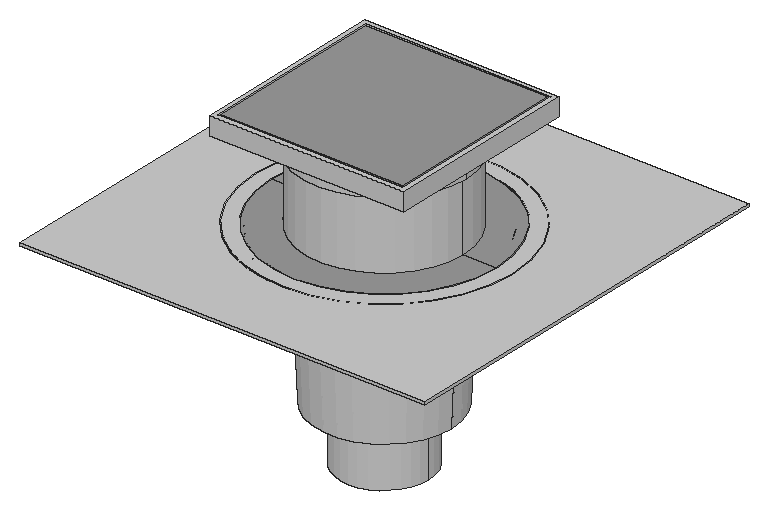
Revit family "HL_Дворовый трап серии Perfekt_HL616HLW", category Instalační zařizovací předměty, Revit 2016
Family settings
  Typ součásti = Normální
  Kóta kulaté spojky = Použít průměr
  Číslo OmniClass = 23.70.50.21.24.14
  Nadpis OmniClass = Deck Waste Water Drains
  Založené na pracovní rovině = Ne
  Vždy vertikální = Ano
  Ořezat dutým tvarem při načtení = Ne
  Sdílené = Ne
  Bod výpočtu místnosti = Ano
Parameters (values of type "HL_Дворовый трап серии Perfekt_HL616HLW_1")
  РЕШЁТКА = "Kunststoff 226 x 226 mm"
  РАЗМЕР = "DN110"
  ПРОПУСКНАЯ СПОСОБНОСТЬ [instance] = 0.0 L/s
  ПРОИЗВОДИТЕЛЬНОСТЬ = "2,1 l/s"
  ПРАВОВАЯ ИНФОРМАЦИЯ = "\"Авторские права(©), права на дизайн или какие либо другие права интелектуальной собственности являются исключительной собственностью компании HL Hutterer & Lechner. Изменению не подлежит. Файл семейства с данными о прозводителе изделия защищен паролем с водяным знаком.\""
  НОМИНАЛЬНЫЙ ДИАМЕТР = 110 mm
  НАСАДКА = "42-130 mm/240 x 240 mm"
  МАТЕРИАЛ = "PP"
  МАКСИМАЛЬНАЯ НАГРУЗКА КЛАССА = "L - 1,5 t"
  ВЫСОТА МОНТАЖА = "239 mm"
  ВЕС = "3,113 kg"
  Výrobce = "HL Hutterer & Lechner GmbH"
  URL = "http://www.hutterer-lechner.com/ru/products/catalog/roof-drains/HL616HLW/1.aspx"
  Материал плитка [instance] = none
  Připojení ventilace = no
  Připojení odpadu = yes
  Připojení HW = no
  Připojení CW = no
  Popis = "Дворовый трап серии Perfekt DN110 вертикальный"
  Model = "HL616HLW/1"
  Assembly Code = " "
  Komentáře k typům = "Дворовый трап серии Perfekt DN110 вертикальный с битумным полотном, 240х240мм/226х226мм ПП с водяным затвором."
  Keynote = "HL616HLW/1"
  IH [instance] = Высота монтажа 1 + Высота монтажа 2  # 130 mm
  Высота монтажа 2 [instance] = 0 mm
  Высота монтажа 1 [instance] = 130 mm
  G [instance] = 180.00°  # constant formula
  EAN = "9003076009671"
  D [instance] = IH + 165 mm  # 295 mm
  C [instance] = if(IH - 68 mm < 0 mm, 0 mm, IH - 68 mm)  # 62 mm
  B [instance] = 100 mm
  A [instance] = if(B - 100 mm > 15 mm, B - 100 mm, 15 mm)  # 15 mm
Types (3, lengths in mm): name | РАЗМЕР | НОМИНАЛЬНЫЙ ДИАМЕТР | ВЕС | URL | Popis | Model | Komentáře k typům | Keynote | EAN
  (no name) | "DN110" | 110 | "3,113 kg" | "http://www.hutterer-lechner.com/en/products/catalog/roof-drains/HL616HLW/1.aspx" | 0 | "HL616HLW/1" | "perfect-drain DN110 vertical with bitumen membrane, 240x240mm/226x226mm plastic with trap seal" | "HL616HLW/1" | "9003076009671"
  HL_Дворовый трап серии Perfekt_HL616HLW_1 | "DN110" | 110 | "3,113 kg" | "http://www.hutterer-lechner.com/ru/products/catalog/roof-drains/HL616HLW/1.aspx" | "Дворовый трап серии Perfekt DN110 вертикальный" | "HL616HLW/1" | "Дворовый трап серии Perfekt DN110 вертикальный с битумным полотном, 240х240мм/226х226мм ПП с водяным затвором." | "HL616HLW/1" | "9003076009671"
  HL_Дворовый трап серии Perfekt_HL616HLW_5 | "DN160" | 160 | "3,119 kg" | "http://www.hutterer-lechner.com/ru/products/catalog/roof-drains/HL616HLW/5.aspx" | "Дворовый трап серии Perfekt DN160 вертикальный" | "HL616HLW/5" | "Дворовый трап серии Perfekt DN160 вертикальный с битумным полотном, 240х240мм/226х226мм ПП с водяным затвором." | "HL616HLW/5" | "9003076009657"
Values of the unnamed type that differ from the named types
  ПРАВОВАЯ ИНФОРМАЦИЯ = "\"Copyright (©), design rights or any other intellectual property rights, shall be the exclusive property of HL Hutterer & Lechner GmbH. Modification is not allowed. Family has been watermarked.\""
Reference planes
  plane 1 "Center (Front/Back)": y = 0
  plane 2: z = 0
  plane 3 "Center (Left/Right)": x = 0
  plane 4: z = -100
  plane 5: z = -130
  plane 6: z = -130
Lines and regions (mm)
  model lines, style "InvisibleLines"
    curve 1: line (0, 0, 0) -> (0, 0, 20)
  model lines, style "PlumbingFixtures", detail levels coarse+medium
    curve 2: line (0, 0, -100) -> (0, 0, -85)
    curve 3: line (0, 0, -85) -> (-85, 0, 0)
    curve 4: line (0, 0, -85) -> (85, 0, 0)
    curve 6: line (0, 0, -100) -> (0, 0, -395)
  reference lines, not visible
    curve 5: line (0, 0, -100) -> (0, 0, -395)
  symbolic lines, style "PlumbingFixtures", detail levels coarse+medium
    curve 7: line (-75, 75, 0) -> (75, 75, 0)
    curve 8: line (-75, -75, 0) -> (-75, 75, 0)
    curve 9: line (75, -75, 0) -> (-75, -75, 0)
    curve 10: line (75, 75, 0) -> (75, -75, 0)
    curve 11: line (-75, 75, 0) -> (-145.711, 145.711, 0)
    curve 12: line (75, 75, 0) -> (145.711, 145.711, 0)
    curve 13: line (-75, -75, 0) -> (-145.711, -145.711, 0)
    curve 14: line (75, -75, 0) -> (145.711, -145.711, 0)
  symbolic lines, style "PlumbingFixtures", not visible, detail levels coarse+medium
    curve 15: line (-75, 75, 0) -> (75, 75, 0)
    curve 16: line (-75, -75, 0) -> (-75, 75, 0)
    curve 17: line (75, -75, 0) -> (-75, -75, 0)
    curve 18: line (75, 75, 0) -> (75, -75, 0)
    curve 19: line (-75, 75, 0) -> (-145.711, 145.711, 0)
    curve 20: line (75, 75, 0) -> (145.711, 145.711, 0)
    curve 21: line (-75, -75, 0) -> (-145.711, -145.711, 0)
    curve 22: line (75, -75, 0) -> (145.711, -145.711, 0)
Text (mm)
  text "FLOOR" at (-162.344, 0, -10.979), in view "Слева"
Dimensions and locks
  "B": plane 2 to plane 4
  "IH": plane 2 to plane 5
  "A": curve 4 to plane 4
  "D": curve 5 to curve 5
  "D": curve 6 to curve 6
  "Высота монтажа 1": plane 2 to plane 6
  locked: curve 4 to plane 3 "Center (Left/Right)" (angle 45.00°)
  locked: plane 3 "Center (Left/Right)" to curve 3 (angle 45.00°)
  "G": angle curve 5 to plane 3 "Center (Left/Right)"
  aligned and locked: level to plane 2
  aligned and locked: plane 2 to curve 4
  aligned and locked: plane 2 to curve 3
  aligned and locked: plane 4 to curve 5
  aligned and locked: plane 3 "Center (Left/Right)" to curve 5
  aligned and locked: plane 4 to curve 2
  aligned and locked: plane 3 "Center (Left/Right)" to curve 6
  aligned and locked: plane 4 to curve 6
  aligned and locked: plane 3 "Center (Left/Right)" to nested 2
  aligned and locked: plane 2 to nested 2
  aligned and locked: nested 1 to plane 3 "Center (Left/Right)"
  aligned and locked: nested 1 to plane 5
  aligned and locked: plane 3 "Center (Left/Right)" to nested 3
  aligned and locked: nested 3 to nested 2
  aligned and locked: nested 4 to plane 3 "Center (Left/Right)"
  aligned and locked: nested 1 to nested 4
Automatic sketch dimensions
  curve 2 to plane 3 "Center (Left/Right)" = 0 mm
  curve 1 to plane 3 "Center (Left/Right)" = 0 mm
  curve 1 to level = 0 mm
  curve 1 to curve 1 = 20 mm
Nested families
  nested 1: "HL-кровельные воронки - корпус-HL616KH" at (0, 0, -129.974), type "HL-кровельные воронки - корпус-HL616KH_1"
  nested 2: "HL-Надставные элементы-HL623" at (0, 0, 0), Высота монтажа <- "Высота монтажа 1", type "HL-Надставные элементы-HL623"
    with Высота монтажа 130 mm, a 100 mm, Ihmin 42 mm, Ihmax 130 mm
  nested 3: "HL-Песколовка-HL0606.2E" at (0, 0, -22.999), type "HL-Песколовка-HL0606.2E"
  nested 4: "HL-Вкладыш запахозапирающий-HL0605.2E" at (0, 0, -190.474), type "HL-Вкладыш запахозапирающий-HL0605.2E"
Connectors
  piping at (0, 0, -395), diameter 110, driven by "ПРОПУСКНАЯ СПОСОБНОСТЬ", driven by "НОМИНАЛЬНЫЙ ДИАМЕТР"
    settings: on curve 5, index 1, connector inside diameter 609.6 mm, connector length 0 mm, flow factor 0, pipe flow 0.0 L/s, pressure drop 0.0 Pa, fitting loss kfactor 0, connector angle 0.00°, fixture units 0, engagement length 0 mm, angle of deflection 0.00°, flow configuration 1, flow direction 2, fitting loss method 0, system type 16, joint type 0, gender type 0, connector reference index -1, connector utility 0, adjustable connector yes, is connector primary yes, connector description ""
Definition of nested family "HL-кровельные воронки - корпус-HL616KH"
  Parameters
    РАЗМЕР = ""
    ПРАВОВАЯ ИНФОРМАЦИЯ = ""
    НОМИНАЛЬНЫЙ ДИАМЕТР = 110 mm
    МАТЕРИАЛ = ""
    ВЫСОТА МОНТАЖА = ""
    ВЕС = ""
    a = if(НОМИНАЛЬНЫЙ ДИАМЕТР = 11 mm, 62 mm, 67 mm)  # 67 mm
    Height = 0 mm
    Manufacturer = ""
    URL = ""
    Description = ""
    ND = НОМИНАЛЬНЫЙ ДИАМЕТР / 2  # 55 mm
    Model = ""
    материал 3 = none
    материал 2 = none
    материал = none
    Type Comments = ""
    Keynote = ""
    EAN = ""
    Cost = 0
  Types (3, lengths in mm): name | РАЗМЕР | ПРАВОВАЯ ИНФОРМАЦИЯ | МАТЕРИАЛ | ВЫСОТА МОНТАЖА | ВЕС | Manufacturer | URL | Description | Model | Type Comments | Keynote | EAN
    (no name) | "" | "" | "" | "" | "" | "" | "" | "" | "" | "" | "" | ""
    HL-кровельные воронки - корпус-HL616KH_1 | "DN110" | "\"Авторские права(©), права на дизайн или какие либо другие права интелектуальной собственности являются исключительной собственностью компании HL Hutterer & Lechner. Изменению не подлежит. Файл семейства с данными о прозводителе изделия защищен паролем с водяным знаком.\"" | "PP" | "197 mm" | "1,952 kg" | "HL Hutterer & Lechner GmbH" | "http://www.hutterer-lechner.com/ru/products/catalog/roof-drains/HL616KH/1.aspx" | "Дворовый трап серии Perfekt DN110 вертикальный" | "HL616KH/1" | "Корпус дворового трапа серии Perfekt DN110 вертикальный с битумным полотном." | "HL616KH/1" | "9003076012916"
    HL-кровельные воронки - корпус-HL616KH_5 | "DN160" | "\"Авторские права(©), права на дизайн или какие либо другие права интелектуальной собственности являются исключительной собственностью компании HL Hutterer & Lechner. Изменению не подлежит. Файл семейства с данными о прозводителе изделия защищен паролем с водяным знаком.\"" | "PP" | "197 mm" | "1,945 kg" | "HL Hutterer & Lechner GmbH" | "http://www.hutterer-lechner.com/ru/products/catalog/roof-drains/HL616KH/5.aspx" | "Дворовый трап серии Perfekt DN160 вертикальный" | "HL616KH/5" | "Корпус дворового трапа серии Perfekt DN160 вертикальный с битумным полотном." | "HL616KH/5" | "9003076012930"
  Reference planes
    plane 1 "Střed (vpředu/vzadu)": y = 0
    plane 2: z = 0
    plane 3 "Střed (vlevo/vpravo)": x = 0
    plane 4: z = -198
  Forms (mm)
    Revolve 1, solid, material <- "материал", detail levels fine
      sketch origin (0, 0, 0) x (1, 0, 0) y (0, 0, 1)
        loop
          line (158.746, -0.026) -> (145.781, -3.5) -> (135.781, -3.5) -> (134.096, -9.367) -> (127.541, -9.367) -> (127.541, -3.5) -> (99.151, -3.5) -> (99.151, -25.5) -> (90, -25.5) -> (90, -60.5) -> (85.551, -60.5) -> (79.463, -194) -> (51.105, -194) -> (51.105, -198) -> (83.393, -198) -> (89.481, -64.5) -> (94.013, -64.5) -> (94.013, -34.2) -> (103.091, -34.2) -> (103.091, -12.303) -> (134.671, -12.303)
          arc (134.671, -12.303) -> (136.701, -11.463) -> (137.542, -9.433) r 2.871
          line (137.542, -9.433) -> (137.542, -6.409) -> (146.262, -6.409) -> (158.746, -3.064) -> (158.746, -0.026)
        axis (0, -198) -> (0, -0.026)
      angle from 0 to 360
    Revolve 2, solid, material <- "материал", detail levels fine
      sketch origin (0, 0, 0) x (1, 0, 0) y (0, 0, 1)
        loop
          line (0, -198) -> (0, -265) -> (55, -265) -> (55, -198) -> (0, -198)
        axis (0, -198) -> (0, -265)
      angle from 0 to 360
    Extrusion 3, solid, detail levels fine
      sketch origin (0, 0, 0) x (1, 0, 0) y (0, 1, 0)
        loop
          line (250, 250) -> (-250, 250) -> (-250, -250) -> (250, -250) -> (250, 250)
        loop
          circle (0, 0) r 140
      from -3.5 to -0.026
    Revolve 4, solid, material <- "материал 2", detail levels fine
      sketch origin (0, 0, 0) x (1, 0, 0) y (0, 0, 1)
        loop
          line (-98.482, -0.026) -> (-139.232, -0.026) -> (-139.232, -3.064) -> (-98.482, -3.064) -> (-98.482, -0.026)
        axis (0, -3.064) -> (0, -0.026)
      angle from 0 to 360
  Dimensions and locks
    locked: plane 2 to plane 4 at 198
    "ND": Revolve 2 sketch curve to plane 3 "Střed (vlevo/vpravo)"
    "a": plane 4 to Revolve 2 sketch curve
    aligned and locked: level to plane 2
  Automatic sketch dimensions
    Revolve 1 sketch curve to plane 3 "Střed (vlevo/vpravo)" = 0 mm
    Revolve 1 sketch curve to plane 4 = 0 mm
    plane 4 to Revolve 1 sketch curve = 4 mm
    plane 3 "Střed (vlevo/vpravo)" to Revolve 1 sketch curve = 51.105 mm
    Revolve 1 sketch curve to Revolve 1 sketch curve = 28.358 mm
    Revolve 1 sketch curve to Revolve 1 sketch curve = 3.93 mm  (x2)
    plane 3 "Střed (vlevo/vpravo)" to Revolve 1 sketch curve = 85.551 mm
    Revolve 1 sketch curve to Revolve 1 sketch curve = 0.519 mm
    Revolve 1 sketch curve to Revolve 1 sketch curve = 4.013 mm
    Revolve 1 sketch curve to level = 3.5 mm  (x2)
    Revolve 1 sketch curve to Revolve 1 sketch curve = 9.151 mm
    Revolve 1 sketch curve to Revolve 1 sketch curve = 3.941 mm
    Revolve 1 sketch curve to Revolve 1 sketch curve = 24.449 mm
    Revolve 1 sketch curve to Revolve 1 sketch curve = 6.555 mm
    Revolve 1 sketch curve to Revolve 1 sketch curve = 0.575 mm
    Revolve 1 sketch curve to Revolve 1 sketch curve = 1.11 mm
    Revolve 1 sketch curve to Revolve 1 sketch curve = 1.761 mm
    Revolve 1 sketch curve to Revolve 1 sketch curve = 8.239 mm
    Revolve 1 sketch curve to Revolve 1 sketch curve = 0.481 mm
    Revolve 1 sketch curve to level = 0.026 mm
    Revolve 1 sketch curve to Revolve 1 sketch curve = 12.965 mm
    Revolve 1 sketch curve to Revolve 1 sketch curve = 61 mm
    Revolve 1 sketch curve to Revolve 1 sketch curve = 4 mm
    Revolve 1 sketch curve to Revolve 1 sketch curve = 26.3 mm
    Revolve 1 sketch curve to Revolve 1 sketch curve = 8.7 mm
    Revolve 1 sketch curve to Revolve 1 sketch curve = 8.804 mm
    Revolve 1 sketch curve to Revolve 1 sketch curve = 0.066 mm
    Revolve 1 sketch curve to Revolve 1 sketch curve = 3.024 mm
    Revolve 1 sketch curve to Revolve 1 sketch curve = 3.038 mm
    level to Revolve 1 sketch curve = 9.5 mm
    Revolve 1 sketch curve to Revolve 1 sketch curve = 50 mm
    Revolve 4 sketch curve to plane 3 "Střed (vlevo/vpravo)" = 0 mm
    Revolve 4 sketch curve to level = 0.026 mm
    Revolve 4 sketch curve to plane 3 "Střed (vlevo/vpravo)" = 98.482 mm
    Revolve 4 sketch curve to Revolve 4 sketch curve = 40.749 mm
    Revolve 4 sketch curve to Revolve 4 sketch curve = 3.038 mm
    level to Revolve 4 sketch curve = 24.974 mm
    Revolve 4 sketch curve to Revolve 4 sketch curve = 22.61 mm
    plane 1 "Střed (vpředu/vzadu)" to Extrusion 3 sketch curve = 0 mm
    Extrusion 3 sketch curve to plane 3 "Střed (vlevo/vpravo)" = 0 mm
    Extrusion 3 sketch curve to plane 3 "Střed (vlevo/vpravo)" = 250 mm
    plane 3 "Střed (vlevo/vpravo)" to Extrusion 3 sketch curve = 250 mm
    plane 1 "Střed (vpředu/vzadu)" to Extrusion 3 sketch curve = 250 mm
    Extrusion 3 sketch curve to plane 1 "Střed (vpředu/vzadu)" = 250 mm
    Revolve 2 sketch curve to plane 3 "Střed (vlevo/vpravo)" = 0 mm  (x2)
    Revolve 2 sketch curve to plane 4 = 0 mm
    Revolve 2 sketch curve to Revolve 2 sketch curve = 15 mm
    Revolve 2 sketch curve to Revolve 2 sketch curve = 25 mm
    radius of Extrusion 3 sketch curve = 140 mm
Definition of nested family "HL-Надставные элементы-HL623"
  Parameters
    РЕШЁТКА = ""
    РАЗМЕР = ""
    ПРАВОВАЯ ИНФОРМАЦИЯ = ""
    НАСАДКА = ""
    МАТЕРИАЛ = ""
    МАКСИМАЛЬНАЯ НАГРУЗКА КЛАССА = ""
    ВЫСОТА МОНТАЖА = ""
    ВЕС = ""
    a [instance] = if(Высота монтажа < Ihmin, -10 mm, if(Высота монтажа > Ihmax, -10 mm, Высота монтажа - 30 mm))  # 100 mm
    Manufacturer = ""
    URL = ""
    Description = ""
    Model = ""
    материал 2 = none
    материал = none
    Type Comments = ""
    Keynote = ""
    Высота монтажа [instance] = 130 mm
    Ihmin [instance] = 42 mm
    Ihmax [instance] = 130 mm
    EAN = ""
    Cost = 0
  Types (2, lengths in mm): name | РЕШЁТКА | РАЗМЕР | ПРАВОВАЯ ИНФОРМАЦИЯ | НАСАДКА | МАТЕРИАЛ | МАКСИМАЛЬНАЯ НАГРУЗКА КЛАССА | ВЫСОТА МОНТАЖА | ВЕС | Manufacturer | URL | Description | Model | Type Comments | Keynote | EAN
    (no name) | "" | "" | "" | "" | "" | "" | "" | "" | "" | "" | "" | "" | "" | "" | ""
    HL-Надставные элементы-HL623 | "Kunststoff 226x226mm" | "d 195mm" | "\"Авторские права(©), права на дизайн или какие либо другие права интелектуальной собственности являются исключительной собственностью компании HL Hutterer & Lechner. Изменению не подлежит. Файл семейства с данными о прозводителе изделия защищен паролем с водяным знаком.\"" | "240x240mm" | "PP" | "L - 1,5 t" | "144 mm" | "0,954 [kg]" | "HL Hutterer & Lechner GmbH" | "http://www.hutterer-lechner.com/ru/products/catalog/roof-drains/HL623.aspx" | "Надставные элементы" | "HL623" | "Насадка d 195мм/240х240мм/226х226мм ПП" | "HL623" | "9003076014743"
  Reference planes
    plane 1 "Střed (vpředu/vzadu)": y = 0
    plane 2: z = 0
    plane 3 "Střed (vlevo/vpravo)": x = 0
    plane 4: z = -45
    plane 5: z = -145
  Forms (mm)
    Extrusion 1, solid, material <- "материал", detail levels fine
      sketch origin (0, 0, 0) x (1, 0, 0) y (0, 1, 0)
        loop
          line (-112.5, 112.5) -> (-112.5, -112.5) -> (112.5, -112.5) -> (112.5, 112.5) -> (-112.5, 112.5)
      from 0 to -20
    Extrusion 2, solid, material <- "материал 2", detail levels fine
      sketch origin (0, 0, 0) x (1, 0, 0) y (0, 1, 0)
        loop
          line (114.5, -114.5) -> (114.5, 114.5) -> (-114.5, 114.5) -> (-114.5, -114.5) -> (114.5, -114.5)
        loop
          line (-120, 120) -> (-120, -120) -> (120, -120) -> (120, 120) -> (-120, 120)
      from 0 to -20
    Extrusion 3, solid, material <- "материал 2", detail levels fine
      sketch origin (0, 0, 0) x (1, 0, 0) y (0, 1, 0)
        loop
          line (120, -120) -> (120, 120) -> (-120, 120) -> (-120, -120) -> (120, -120)
      from -20 to -23
    Revolve 4, solid, material <- "материал 2", detail levels fine
      sketch origin (0, 0, 0) x (1, 0, 0) y (0, 0, 1)
        loop
          line (0, -23) -> (-101.5, -23) -> (-101.5, -45) -> (0, -45) -> (0, -23)
        axis (0, -45) -> (0, -23)
      angle from 0 to 360
    Revolve 5, solid, material <- "материал 2", detail levels fine
      sketch origin (0, 0, 0) x (1, 0, 0) y (0, 0, 1)
        loop
          line (0, -45) -> (0, -145) -> (97.213, -145) -> (97.213, -45) -> (0, -45)
        axis (0, -45) -> (0, -145)
      angle from 0 to 360
  Cuts and joins
    joined: Extrusion 2, Extrusion 3
  Lines and regions (mm)
    model lines, detail levels fine
      curve 1: line (10.96, 46.315, 0) -> (45.608, 80.964, 0)
      curve 2: line (56.215, 70.357, 0) -> (21.567, 35.709, 0)
      curve 3: line (35.709, 21.567, 0) -> (70.357, 56.215, 0)
      curve 4: line (80.964, 45.608, 0) -> (46.315, 10.96, 0)
      curve 5: line (92, 7.5, 0) -> (72.5, 7.5, 0)
      curve 6: line (92, -7.5, 0) -> (72.5, -7.5, 0)
      curve 7: arc (92, -7.5, 0) -> (99.5, 0, 0) -> (92, 7.5, 0) r 7.5
      curve 8: arc (72.5, -7.5, 0) -> (65, 0, 0) -> (72.5, 7.5, 0) r 7.5
      curve 9: arc (80.964, 45.608, 0) -> (80.964, 56.215, 0) -> (70.357, 56.215, 0) r 7.5
      curve 10: arc (56.215, 70.357, 0) -> (56.215, 80.964, 0) -> (45.608, 80.964, 0) r 7.5
      curve 11: arc (21.567, 35.709, 0) -> (10.96, 35.709, 0) -> (10.96, 46.315, 0) r 7.5
      curve 12: arc (46.315, 10.96, 0) -> (35.709, 10.96, 0) -> (35.709, 21.567, 0) r 7.5
      curve 13: line (7.5, 92, 0) -> (7.5, 72.5, 0)
      curve 14: line (-7.5, 92, 0) -> (-7.5, 72.5, 0)
      curve 15: arc (-7.5, 92, 0) -> (0, 99.5, 0) -> (7.5, 92, 0) r 7.5
      curve 16: arc (-7.5, 72.5, 0) -> (0, 65, 0) -> (7.5, 72.5, 0) r 7.5
      curve 17: line (7.5, -92, 0) -> (7.5, -72.5, 0)
      curve 18: line (-7.5, -92, 0) -> (-7.5, -72.5, 0)
      curve 19: arc (-7.5, -92, 0) -> (0, -99.5, 0) -> (7.5, -92, 0) r 7.5
      curve 20: arc (-7.5, -72.5, 0) -> (0, -65, 0) -> (7.5, -72.5, 0) r 7.5
      curve 21: line (92, -7.5, 0) -> (72.5, -7.5, 0)
      curve 22: line (92, 7.5, 0) -> (72.5, 7.5, 0)
      curve 23: arc (92, 7.5, 0) -> (99.5, 0, 0) -> (92, -7.5, 0) r 7.5
      curve 24: arc (72.5, 7.5, 0) -> (65, 0, 0) -> (72.5, -7.5, 0) r 7.5
      curve 25: line (-92, -7.5, 0) -> (-72.5, -7.5, 0)
      curve 26: arc (-92, -7.5, 0) -> (-99.5, 0, 0) -> (-92, 7.5, 0) r 7.5
      curve 27: arc (-72.5, -7.5, 0) -> (-65, 0, 0) -> (-72.5, 7.5, 0) r 7.5
      curve 28: line (-92, -7.5, 0) -> (-72.5, -7.5, 0)
      curve 29: line (-92, 7.5, 0) -> (-72.5, 7.5, 0)
      curve 30: arc (-92, 7.5, 0) -> (-99.5, 0, 0) -> (-92, -7.5, 0) r 7.5
      curve 31: arc (-72.5, 7.5, 0) -> (-65, 0, 0) -> (-72.5, -7.5, 0) r 7.5
      curve 32: line (-10.96, 46.315, 0) -> (-45.608, 80.964, 0)
      curve 33: line (-56.215, 70.357, 0) -> (-21.567, 35.709, 0)
      curve 34: line (-35.709, 21.567, 0) -> (-70.357, 56.215, 0)
      curve 35: line (-80.964, 45.608, 0) -> (-46.315, 10.96, 0)
      curve 36: arc (-80.964, 45.608, 0) -> (-80.964, 56.215, 0) -> (-70.357, 56.215, 0) r 7.5
      curve 37: arc (-56.215, 70.357, 0) -> (-56.215, 80.964, 0) -> (-45.608, 80.964, 0) r 7.5
      curve 38: arc (-21.567, 35.709, 0) -> (-10.96, 35.709, 0) -> (-10.96, 46.315, 0) r 7.5
      curve 39: arc (-46.315, 10.96, 0) -> (-35.709, 10.96, 0) -> (-35.709, 21.567, 0) r 7.5
      curve 40: line (10.96, -46.315, 0) -> (45.608, -80.964, 0)
      curve 41: line (56.215, -70.357, 0) -> (21.567, -35.709, 0)
      curve 42: line (35.709, -21.567, 0) -> (70.357, -56.215, 0)
      curve 43: line (80.964, -45.608, 0) -> (46.315, -10.96, 0)
      curve 44: arc (80.964, -45.608, 0) -> (80.964, -56.215, 0) -> (70.357, -56.215, 0) r 7.5
      curve 45: arc (56.215, -70.357, 0) -> (56.215, -80.964, 0) -> (45.608, -80.964, 0) r 7.5
      curve 46: arc (21.567, -35.709, 0) -> (10.96, -35.709, 0) -> (10.96, -46.315, 0) r 7.5
      curve 47: arc (46.315, -10.96, 0) -> (35.709, -10.96, 0) -> (35.709, -21.567, 0) r 7.5
      curve 48: line (-10.96, -46.315, 0) -> (-45.608, -80.964, 0)
      curve 49: line (-56.215, -70.357, 0) -> (-21.567, -35.709, 0)
      curve 50: line (-35.709, -21.567, 0) -> (-70.357, -56.215, 0)
      curve 51: line (-80.964, -45.608, 0) -> (-46.315, -10.96, 0)
      curve 52: arc (-80.964, -45.608, 0) -> (-80.964, -56.215, 0) -> (-70.357, -56.215, 0) r 7.5
      curve 53: arc (-56.215, -70.357, 0) -> (-56.215, -80.964, 0) -> (-45.608, -80.964, 0) r 7.5
      curve 54: arc (-21.567, -35.709, 0) -> (-10.96, -35.709, 0) -> (-10.96, -46.315, 0) r 7.5
      curve 55: arc (-46.315, -10.96, 0) -> (-35.709, -10.96, 0) -> (-35.709, -21.567, 0) r 7.5
  Dimensions and locks
    plane 2 to plane 4 = 45 mm
    plane 4 to Revolve 5 sketch curve = 100 mm
    plane 2 to plane 5 = 145 mm
    "a": plane 4 to Revolve 5 sketch curve
    aligned and locked: level to plane 2
    aligned and locked: plane 4 to Revolve 5 sketch curve
  Automatic sketch dimensions
    curve 7 to curve 23 = 0 mm  (x2)
    curve 8 to curve 24 = 0 mm  (x2)
    curve 26 to curve 30 = 0 mm  (x2)
    curve 27 to curve 31 = 0 mm  (x2)
    plane 1 "Střed (vpředu/vzadu)" to curve 26 = 0 mm
    curve 16 to plane 3 "Střed (vlevo/vpravo)" = 0 mm
    curve 20 to plane 3 "Střed (vlevo/vpravo)" = 0 mm
    plane 1 "Střed (vpředu/vzadu)" to curve 24 = 0 mm
    curve 18 to plane 3 "Střed (vlevo/vpravo)" = 7.5 mm
    curve 14 to plane 3 "Střed (vlevo/vpravo)" = 7.5 mm
    curve 32 to plane 3 "Střed (vlevo/vpravo)" = 10.96 mm
    curve 48 to plane 3 "Střed (vlevo/vpravo)" = 10.96 mm
    curve 54 to curve 54 = 5.303 mm  (x2)
    curve 38 to curve 38 = 5.303 mm  (x2)
    curve 49 to curve 54 = 5.303 mm
    curve 33 to curve 38 = 5.303 mm
    curve 34 to curve 33 = 14.142 mm
    curve 50 to curve 49 = 14.142 mm
    curve 39 to curve 34 = 5.303 mm
    curve 55 to curve 50 = 5.303 mm
    curve 48 to curve 20 = 38.108 mm
    curve 32 to curve 14 = 38.108 mm
    curve 35 to plane 1 "Střed (vpředu/vzadu)" = 10.96 mm
    curve 35 to curve 39 = 5.303 mm
    plane 1 "Střed (vpředu/vzadu)" to curve 51 = 10.96 mm
    curve 51 to curve 55 = 5.303 mm
    curve 53 to curve 48 = 5.303 mm
    curve 37 to curve 32 = 5.303 mm
    curve 49 to curve 53 = 5.303 mm
    curve 33 to curve 37 = 5.303 mm  (x2)
    curve 34 to curve 37 = 14.142 mm
    curve 50 to curve 53 = 14.142 mm
    curve 27 to curve 39 = 26.185 mm
    curve 36 to curve 34 = 5.303 mm
    curve 52 to curve 50 = 5.303 mm
    curve 35 to plane 1 "Střed (vpředu/vzadu)" = 45.608 mm
    curve 35 to curve 36 = 5.303 mm  (x2)
    plane 1 "Střed (vpředu/vzadu)" to curve 51 = 45.608 mm
    curve 51 to curve 52 = 5.303 mm
    plane 1 "Střed (vpředu/vzadu)" to curve 28 = 7.5 mm
    curve 28 to curve 25 = 19.5 mm
    plane 3 "Střed (vlevo/vpravo)" to curve 1 = 10.96 mm
    plane 3 "Střed (vlevo/vpravo)" to curve 40 = 10.96 mm
    curve 11 to curve 11 = 5.303 mm
    curve 46 to curve 46 = 5.303 mm  (x2)
    curve 11 to curve 2 = 5.303 mm
    curve 46 to curve 41 = 5.303 mm
    curve 2 to curve 3 = 14.142 mm
    curve 41 to curve 42 = 14.142 mm  (x3)
    curve 42 to curve 47 = 5.303 mm
    curve 3 to curve 12 = 5.303 mm
    curve 13 to curve 1 = 38.108 mm
    curve 17 to curve 40 = 38.108 mm
    plane 1 "Střed (vpředu/vzadu)" to curve 43 = 10.96 mm
    curve 47 to curve 43 = 5.303 mm
    curve 4 to plane 1 "Střed (vpředu/vzadu)" = 10.96 mm
    curve 12 to curve 4 = 5.303 mm
    curve 1 to curve 10 = 5.303 mm
    curve 40 to curve 45 = 5.303 mm
    curve 45 to curve 41 = 5.303 mm  (x2)
    curve 10 to curve 2 = 5.303 mm
    curve 10 to curve 3 = 14.142 mm
    curve 43 to curve 24 = 26.185 mm
    curve 42 to curve 44 = 5.303 mm
    curve 3 to curve 9 = 5.303 mm
    plane 1 "Střed (vpředu/vzadu)" to curve 43 = 45.608 mm
    curve 44 to curve 43 = 5.303 mm
    curve 4 to plane 1 "Střed (vpředu/vzadu)" = 45.608 mm
    curve 9 to curve 4 = 5.303 mm
    curve 5 to plane 1 "Střed (vpředu/vzadu)" = 7.5 mm
    curve 22 to curve 5 = 19.5 mm
    plane 1 "Střed (vpředu/vzadu)" to curve 48 = 46.315 mm
    curve 48 to curve 40 = 0 mm
    curve 52 to curve 52 = 5.303 mm
    curve 44 to curve 44 = 5.303 mm
    curve 49 to curve 50 = 14.142 mm
    curve 17 to curve 40 = 26.185 mm
    curve 53 to curve 49 = 5.303 mm
    curve 17 to curve 20 = 19.5 mm
    curve 42 to curve 47 = 10.607 mm
    curve 50 to curve 51 = 10.607 mm
    curve 4 to curve 12 = 5.303 mm
    curve 39 to curve 39 = 5.303 mm
    curve 39 to curve 33 = 14.142 mm
    curve 12 to curve 2 = 14.142 mm
    curve 2 to curve 11 = 5.303 mm
    curve 9 to curve 9 = 5.303 mm
    curve 3 to curve 2 = 14.142 mm
    curve 36 to curve 33 = 14.142 mm
    curve 11 to curve 13 = 26.185 mm
    curve 2 to curve 10 = 5.303 mm
    curve 14 to curve 14 = 19.5 mm
    Extrusion 1 sketch curve to plane 3 "Střed (vlevo/vpravo)" = 112.5 mm
    plane 3 "Střed (vlevo/vpravo)" to Extrusion 1 sketch curve = 112.5 mm
    plane 1 "Střed (vpředu/vzadu)" to Extrusion 1 sketch curve = 112.5 mm
    Extrusion 1 sketch curve to plane 1 "Střed (vpředu/vzadu)" = 112.5 mm
    Extrusion 2 sketch curve to plane 3 "Střed (vlevo/vpravo)" = 120 mm
    Extrusion 2 sketch curve to Extrusion 2 sketch curve = 5.5 mm  (x4)
    plane 3 "Střed (vlevo/vpravo)" to Extrusion 2 sketch curve = 114.5 mm
    plane 1 "Střed (vpředu/vzadu)" to Extrusion 2 sketch curve = 120 mm
    Extrusion 2 sketch curve to plane 1 "Střed (vpředu/vzadu)" = 114.5 mm
    Extrusion 3 sketch curve to plane 3 "Střed (vlevo/vpravo)" = 120 mm
    plane 3 "Střed (vlevo/vpravo)" to Extrusion 3 sketch curve = 120 mm
    plane 1 "Střed (vpředu/vzadu)" to Extrusion 3 sketch curve = 120 mm
    Extrusion 3 sketch curve to plane 1 "Střed (vpředu/vzadu)" = 120 mm
    Revolve 4 sketch curve to plane 4 = 0 mm
    Revolve 4 sketch curve to plane 3 "Střed (vlevo/vpravo)" = 0 mm  (x2)
    plane 4 to Revolve 4 sketch curve = 22 mm
    Revolve 4 sketch curve to plane 3 "Střed (vlevo/vpravo)" = 101.5 mm
    level to Revolve 4 sketch curve = 32 mm
    Revolve 4 sketch curve to Revolve 4 sketch curve = 90 mm
    Revolve 5 sketch curve to plane 3 "Střed (vlevo/vpravo)" = 0 mm  (x2)
    Revolve 5 sketch curve to Revolve 5 sketch curve = 97.213 mm
    Revolve 5 sketch curve to plane 5 = 38.999 mm
    Revolve 5 sketch curve to Revolve 5 sketch curve = 140 mm
Definition of nested family "HL-Песколовка-HL0606.2E"
  Parameters (values of type "HL-Песколовка-HL0606.2E")
    ПРАВОВАЯ ИНФОРМАЦИЯ = "\"Авторские права(©), права на дизайн или какие либо другие права интелектуальной собственности являются исключительной собственностью компании HL Hutterer & Lechner. Изменению не подлежит. Файл семейства с данными о прозводителе изделия защищен паролем с водяным знаком.\""
    МАТЕРИАЛ = "PP"
    ВЕС = "0,09 kg"
    Manufacturer = "HL Hutterer & Lechner GmbH"
    URL = "http://www.hutterer-lechner.com/ru/products/catalog/roof-drains/HL0606.2E.aspx"
    Description = "Песколовка"
    Model = "HL0606.2E"
    материал = none
    Type Comments = "Песколовка"
    Keynote = "HL0606.2E"
    EAN = "9003076060627"
    Cost = 0
  Values of the unnamed type that differ from the named types
    ПРАВОВАЯ ИНФОРМАЦИЯ = ""
    МАТЕРИАЛ = ""
    ВЕС = ""
    Manufacturer = ""
    URL = ""
    Description = ""
    Model = ""
    Type Comments = ""
    Keynote = ""
    EAN = ""
  Reference planes
    plane 1 "Střed (vpředu/vzadu)": y = 0
    plane 2: z = 0
    plane 3 "Střed (vlevo/vpravo)": x = 0
  Forms (mm)
    Revolve 1, solid, material <- "материал", detail levels fine
      sketch origin (0, 0, 0) x (1, 0, 0) y (0, 0, 1)
        loop
          line (0, -55.952) -> (0, -58.018) -> (57.601, -56.006)
          arc (57.601, -56.006) -> (65.932, -53.053) -> (69.532, -44.98) r 11.208
          line (69.532, -44.98) -> (72.482, -41.586) -> (75.031, -12.448) -> (75.865, -6.515)
          arc (75.865, -6.515) -> (76.428, -5.156) -> (77.786, -4.594) r 1.921
          line (77.786, -4.594) -> (95.979, -3.002) -> (95.979, -0.001) -> (73.246, -1.99) -> (69.436, -41.391) -> (67.501, -43.326)
          arc (67.501, -43.326) -> (65.111, -51.02) -> (57.603, -53.94) r 9.273
          line (57.603, -53.94) -> (0, -55.952)
        axis (0, -58.018) -> (0, -0.001)
      angle from 0 to 360
  Dimensions and locks
    aligned and locked: level to plane 2
Definition of nested family "HL-Вкладыш запахозапирающий-HL0605.2E"
  Parameters
    ПРАВОВАЯ ИНФОРМАЦИЯ = ""
    МАТЕРИАЛ = ""
    ВЕС = ""
    Manufacturer = ""
    URL = ""
    Description = ""
    Model = ""
    материал 2 = none
    материал = none
    Type Comments = ""
    Keynote = ""
    EAN = ""
    Cost = 0
  Types (2, lengths in mm): name | ПРАВОВАЯ ИНФОРМАЦИЯ | МАТЕРИАЛ | ВЕС | Manufacturer | URL | Description | Model | Type Comments | Keynote | EAN
    (no name) | "" | "" | "" | "" | "" | "" | "" | "" | "" | ""
    HL-Вкладыш запахозапирающий-HL0605.2E | "\"Авторские права(©), права на дизайн или какие либо другие права интелектуальной собственности являются исключительной собственностью компании HL Hutterer & Lechner. Изменению не подлежит. Файл семейства с данными о прозводителе изделия защищен паролем с водяным знаком.\"" | "PP" | "0,192 kg" | "HL Hutterer & Lechner GmbH" | "http://www.hutterer-lechner.com/ru/products/catalog/roof-drains/HL0605.2E.aspx" | "Вкладыш запахозапирающий" | "HL0605.2E" | "Вкладыш водяного затвора комплектный" | "HL0605.2E" | "9003076009725"
  Reference planes
    plane 1 "Střed (vpředu/vzadu)": y = 0
    plane 2: z = 0
    plane 3 "Střed (vlevo/vpravo)": x = 0
  Forms (mm)
    Revolve 1, solid, material <- "материал 2", detail levels fine
      sketch origin (0, 0, 0) x (1, 0, 0) y (0, 0, 1)
        loop
          line (88, -3) -> (88, 0) -> (82.921, 0) -> (82.921, -1.338) -> (78.867, -6.169) -> (78.867, -19.629) -> (76.315, -48.796)
          arc (76.315, -48.796) -> (75.558, -51.125) -> (73.796, -52.827) r 5.066
          line (73.796, -52.827) -> (58.029, -61.938) -> (58.029, -93.034) -> (53.399, -98) -> (41.859, -98) -> (41.859, -83.043) -> (45.35, -83.043) -> (45.35, -33) -> (29.878, -33) -> (29.878, -100) -> (52.94, -100)
          arc (52.94, -100) -> (57.932, -97.932) -> (60, -92.939) r 7.061
          line (60, -92.939) -> (60, -65.894)
          arc (60, -65.894) -> (60.671, -63.394) -> (62.5, -61.564) r 5.003
          line (62.5, -61.564) -> (74.706, -54.511)
          arc (74.706, -54.511) -> (77.106, -52.212) -> (78.174, -49.065) r 6.994
          line (78.174, -49.065) -> (81.088, -15.754) -> (83.996, -15.499) -> (83.996, -12.378)
          arc (83.996, -12.378) -> (85.775, -10) -> (83.996, -7.623) r 2.478
          line (83.996, -7.623) -> (83.996, -3) -> (88, -3)
        axis (0, 0) -> (0, -100)
      angle from 0 to 360
    Revolve 2, solid, material <- "материал", detail levels fine
      sketch origin (0, 0, 0) x (1, 0, 0) y (0, 0, 1)
        loop
          line (47.229, -83.043) -> (47.229, -28.043)
          arc (47.229, -28.043) -> (43.63, -19.353) -> (34.94, -15.754) r 12.289
          line (34.94, -15.754) -> (0, -15.754) -> (0, -48.796) -> (45.35, -48.796) -> (45.35, -83.043) -> (47.229, -83.043)
        axis (0, -83.043) -> (0, -15.754)
      angle from 0 to 360
  Dimensions and locks
    aligned and locked: level to plane 2
